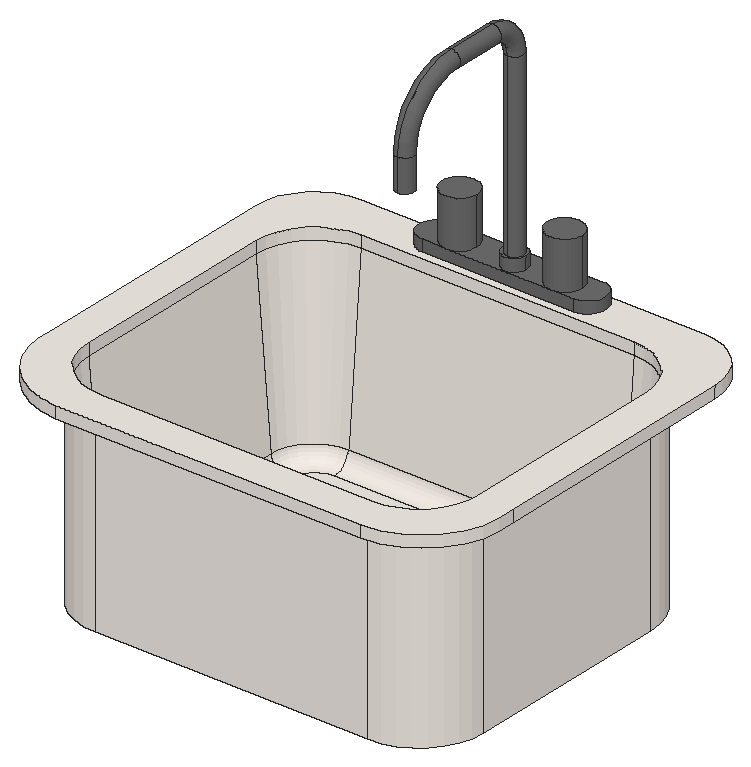
Revit family
Parameters (values of type "500 x 440mm")
  세면기 재료 = 자기 - 리넨
  작업대 높이 [instance] = 750.00 mm
  깊이 = 440.00 mm
  설비 재료 = 금속 - 스틸, 광택
  폭 = 500.00 mm
Reference planes
  plane 1 "중심(앞/뒤)": y = 5.52
  plane 2: z = 0
  plane 3 "중심(왼쪽/오른쪽)": x = 15.689
  plane 4: y = 180.145
  plane 5: y = -259.855
  plane 6: x = -234.311
  plane 7: x = 265.689
  plane 8 "작업대 상단": z = 750
  plane 9: z = 762.7
  plane 10: z = 534.1
  plane 11: y = 132.52
  plane 12: x = -196.211
  plane 13: y = -221.755
  plane 14: x = 227.589
  plane 15: x = -85.911
  plane 16: x = 117.289
  plane 17: y = 156.333
  plane 18: y = 156.333
  plane 19: y = 156.333
  plane 20: z = 1013.525
  plane 21: y = 7.108
  plane 22: z = 826.2
  plane 23: z = 788.1
  plane 24: y = 161.095
  plane 25: x = -47.811
  plane 26: x = 66.489
Forms (mm)
  Extrusion 1, solid, material "자기 - 리넨" <- "세면기 재료"
    sketch origin (0, 0, 0) x (1, 0, 0) y (0, 1, 0)
      loop
        arc (181.339, -259.855) -> (246.052, -227.766) -> (265.689, -158.255) r 89.057
        line (265.689, -158.255) -> (265.689, 116.645)
        arc (265.689, 116.645) -> (247.091, 161.547) -> (202.189, 180.145) r 63.5
        line (202.189, 180.145) -> (-170.811, 180.145)
        arc (-170.811, 180.145) -> (-215.712, 161.547) -> (-234.311, 116.645) r 63.5
        line (-234.311, 116.645) -> (-234.311, -158.255)
        arc (-234.311, -158.255) -> (-214.674, -227.766) -> (-149.961, -259.855) r 89.057
        line (-149.961, -259.855) -> (181.339, -259.855)
      loop
        arc (-132.711, 132.52) -> (-177.612, 113.922) -> (-196.211, 69.02) r 63.5
        line (-196.211, 69.02) -> (-196.211, -158.255)
        arc (-196.211, -158.255) -> (-177.612, -203.156) -> (-132.711, -221.755) r 63.5
        line (-132.711, -221.755) -> (164.089, -221.755)
        arc (164.089, -221.755) -> (208.991, -203.156) -> (227.589, -158.255) r 63.5
        line (227.589, -158.255) -> (227.589, 69.02)
        arc (227.589, 69.02) -> (208.991, 113.922) -> (164.089, 132.52) r 63.5
        line (164.089, 132.52) -> (-132.711, 132.52)
    from 750 to 762.7
  Sweep 2, solid, material "자기 - 리넨" <- "세면기 재료"
    path origin (0, 0, 0) x (1, 0, 0) y (0, 1, 0)
      loop
        arc (-132.711, 132.52) -> (-177.612, 113.922) -> (-196.211, 69.02) r 63.5
        line (-196.211, 69.02) -> (-196.211, -158.255)
        arc (-196.211, -158.255) -> (-177.612, -203.156) -> (-132.711, -221.755) r 63.5
        line (-132.711, -221.755) -> (164.089, -221.755)
        arc (164.089, -221.755) -> (208.991, -203.156) -> (227.589, -158.255) r 63.5
        line (227.589, -158.255) -> (227.589, 69.02)
        arc (227.589, 69.02) -> (208.991, 113.922) -> (164.089, 132.52) r 63.5
        line (164.089, 132.52) -> (-132.711, 132.52)
    profile origin (15.689, 0, 0) x (0, 1, 0) y (0, 0, 1)
      loop
        line (132.52, 750) -> (115.986, 561.015)
        arc (115.986, 561.015) -> (109.879, 548.63) -> (97.009, 543.625) r 19.05
        line (97.009, 543.625) -> (94.42, 543.625) -> (94.42, 534.1) -> (138.87, 534.1) -> (138.87, 750) -> (132.52, 750)
  Extrusion 3, solid, material "자기 - 리넨" <- "세면기 재료"
    sketch origin (0, 0, 0) x (1, 0, 0) y (0, 1, 0)
      loop
        arc (-132.711, 94.42) -> (-150.671, 86.981) -> (-158.111, 69.02) r 25.4
        line (-158.111, 69.02) -> (-158.111, -158.255)
        arc (-158.111, -158.255) -> (-150.671, -176.215) -> (-132.711, -183.655) r 25.4
        line (-132.711, -183.655) -> (164.089, -183.655)
        arc (164.089, -183.655) -> (182.05, -176.215) -> (189.489, -158.255) r 25.4
        line (189.489, -158.255) -> (189.489, 69.02)
        arc (189.489, 69.02) -> (182.05, 86.981) -> (164.089, 94.42) r 25.4
        line (164.089, 94.42) -> (-132.711, 94.42)
      loop
        circle (15.689, 3.175) r 25.4
    from 534.1 to 543.625
  Extrusion 4, solid, material "금속 - 스틸, 광택" <- "설비 재료"
    sketch origin (0, -17.559, 0) x (1, 0, 0) y (0, 1, 0)
      loop
        circle (-47.811, 178.654) r 19.05
      loop
        circle (66.489, 178.654) r 19.05
    from 762.7 to 826.2
  Sweep 5, solid, material "금속 - 스틸, 광택" <- "설비 재료"
    path origin (15.689, 0, 0) x (0, 1, 0) y (0, 0, 1)
      loop
        line (156.333, 762.7) -> (156.333, 983.363)
        arc (156.333, 983.363) -> (147.499, 1004.691) -> (126.17, 1013.525) r 30.163
        line (126.17, 1013.525) -> (70.608, 1013.525)
        arc (70.608, 1013.525) -> (25.707, 994.926) -> (7.108, 950.025) r 63.5
        line (7.108, 950.025) -> (7.108, 915.1)
    profile origin (15.689, 0, 873.031) x (0, -1, 0) y (1, 0, 0)
      loop
        circle (-156.333, 0) r 9.525
  Extrusion 6, solid, material "금속 - 스틸, 광택" <- "설비 재료"
    sketch origin (0, 0, 0) x (1, 0, 0) y (0, 1, 0)
      loop
        circle (15.689, 156.333) r 12.7
    from 762.7 to 788.1
  Extrusion 7, solid, material "금속 - 스틸, 광택" <- "설비 재료"
    sketch origin (0, 0, 0) x (1, 0, 0) y (0, 1, 0)
      loop
        arc (-73.211, 180.145) -> (-92.261, 161.095) -> (-73.211, 142.045) r 19.05
        line (-73.211, 142.045) -> (91.889, 142.045)
        arc (91.889, 142.045) -> (110.939, 161.095) -> (91.889, 180.145) r 19.05
        line (91.889, 180.145) -> (-73.211, 180.145)
    from 762.7 to 775.2
Cuts and joins
  joined: Extrusion 4, Sweep 5, Extrusion 6, Extrusion 7
  joined: Extrusion 1, Sweep 2, Extrusion 3
Lines and regions (mm)
  Masking region 1
    outline origin (0, 0, 750) x (0, -1, 0) y (1, 0, 0)
      loop
        line (-116.645, -234.311) -> (170.955, -234.311)
        arc (170.955, -234.311) -> (233.816, -208.273) -> (259.855, -145.411) r 88.9
        line (259.855, -145.411) -> (259.855, 181.339)
        arc (259.855, 181.339) -> (235.149, 240.984) -> (175.505, 265.689) r 84.35
        line (175.505, 265.689) -> (-116.645, 265.689)
        arc (-116.645, 265.689) -> (-161.547, 247.091) -> (-180.145, 202.189) r 63.5
        line (-180.145, 202.189) -> (-180.145, -170.811)
        arc (-180.145, -170.811) -> (-161.547, -215.712) -> (-116.645, -234.311) r 63.5
  symbolic lines
    curve 1: line (265.689, -175.505, 750) -> (265.689, 116.645, 750)
    curve 2: line (-145.411, -259.855, 750) -> (181.339, -259.855, 750)
    curve 3: line (-234.311, 116.645, 750) -> (-234.311, -170.955, 750)
    curve 4: arc (41.089, 3.175, 750) -> (15.689, 28.575, 750) -> (-9.711, 3.175, 750) r 25.4
    curve 5: arc (-9.711, 3.175, 750) -> (15.689, -22.225, 750) -> (41.089, 3.175, 750) r 25.4
    curve 6: line (-196.211, 69.02, 750) -> (-196.211, -158.255, 750)
    curve 7: line (-132.711, -221.755, 750) -> (164.089, -221.755, 750)
    curve 8: line (227.589, -158.255, 750) -> (227.589, 69.02, 750)
    curve 9: line (164.089, 132.52, 750) -> (28.389, 132.52, 750)
    curve 10: arc (164.089, -221.755, 750) -> (208.991, -203.156, 750) -> (227.589, -158.255, 750) r 63.5
    curve 11: arc (-196.211, -158.255, 750) -> (-177.612, -203.156, 750) -> (-132.711, -221.755, 750) r 63.5
    curve 12: arc (-132.711, 132.52, 750) -> (-177.612, 113.922, 750) -> (-196.211, 69.02, 750) r 63.5
    curve 13: arc (28.389, 160.745, 750) -> (15.689, 173.445, 750) -> (2.989, 160.745, 750) r 12.7
    curve 14: line (2.989, 160.745, 750) -> (2.989, 40.391, 750)
    curve 15: line (28.389, 160.745, 750) -> (28.389, 40.391, 750)
    curve 16: arc (28.389, 40.391, 750) -> (15.689, 27.691, 750) -> (2.989, 40.391, 750) r 12.7
    curve 17: line (2.989, 132.52, 750) -> (-132.711, 132.52, 750)
    curve 18: arc (-234.311, -170.955, 750) -> (-208.273, -233.816, 750) -> (-145.411, -259.855, 750) r 88.9
    curve 19: arc (181.339, -259.855, 750) -> (240.984, -235.149, 750) -> (265.689, -175.505, 750) r 84.35
    curve 20: arc (164.089, 132.52, 750) -> (208.991, 113.922, 750) -> (227.589, 69.02, 750) r 63.5
    curve 21: line (202.189, 180.145, 750) -> (-170.811, 180.145, 750)
    curve 22: arc (-170.811, 180.145, 750) -> (-215.712, 161.547, 750) -> (-234.311, 116.645, 750) r 63.5
    curve 23: arc (265.689, 116.645, 750) -> (247.091, 161.547, 750) -> (202.189, 180.145, 750) r 63.5
    curve 24: arc (85.539, 161.095, 750) -> (66.489, 180.145, 750) -> (47.439, 161.095, 750) r 19.05
    curve 25: arc (85.539, 161.095, 750) -> (66.489, 142.045, 750) -> (47.439, 161.095, 750) r 19.05
    curve 26: arc (-28.761, 161.095, 750) -> (-47.811, 180.145, 750) -> (-66.861, 161.095, 750) r 19.05
    curve 27: arc (-66.861, 161.095, 750) -> (-47.811, 142.045, 750) -> (-28.761, 161.095, 750) r 19.05
    curve 28: line (-73.211, 142.045, 750) -> (2.989, 142.045, 750)
    curve 29: arc (91.889, 142.045, 750) -> (110.939, 161.095, 750) -> (91.889, 180.145, 750) r 19.05
    curve 30: arc (-73.211, 180.145, 750) -> (-92.261, 161.095, 750) -> (-73.211, 142.045, 750) r 19.05
    curve 31: line (91.889, 180.145, 750) -> (-73.211, 180.145, 750)
    curve 32: line (28.389, 142.045, 750) -> (91.889, 142.045, 750)
Dimensions and locks
  equal spacing: plane 6, plane 3 "중심(왼쪽/오른쪽)", plane 7
  "폭": plane 6 to plane 7
  "깊이": plane 5 to plane 4
  "작업대 높이": plane 8 "작업대 상단" to plane 2
  locked: plane 9 to plane 8 "작업대 상단" at 12.7
  locked: plane 8 "작업대 상단" to plane 10 at 215.9
  locked: plane 6 to plane 12 at 38.1
  locked: plane 14 to plane 7 at 38.1
  locked: plane 5 to plane 13 at 38.1
  equal spacing: plane 11, plane 17, plane 4
  equal spacing: plane 11, plane 18, plane 4
  equal spacing: plane 4, plane 19, plane 11
  locked: plane 19 to plane 21 at 149.225
  locked: plane 20 to plane 9 at 250.825
  locked: plane 22 to plane 9 at 63.5
  locked: plane 23 to plane 9 at 25.4
  locked: plane 1 "중심(앞/뒤)" to plane 4 at 174.625
  plane 24 to plane 4 = 19.05 mm
  locked: plane 25 to plane 3 "중심(왼쪽/오른쪽)" at 63.5
  locked: plane 3 "중심(왼쪽/오른쪽)" to plane 26 at 50.8
  locked: level to plane 2 at 0
  locked: plane 9 to cut or joined group of Extrusion 4, Sweep 5, Extrusion 6, Extrusion 7 at 12.5
  aligned and locked: Extrusion 1 sketch curve to plane 5
  aligned and locked: plane 8 "작업대 상단" to Extrusion 1
  aligned and locked: Extrusion 1 to plane 9
  aligned and locked: plane 11 to Extrusion 1 sketch curve
  aligned and locked: plane 14 to Extrusion 1 sketch curve
  aligned and locked: Extrusion 1 sketch curve to plane 12
  aligned and locked: Extrusion 1 sketch curve to plane 13
  aligned and locked: plane 11 to Sweep 2 sketch curve
  aligned and locked: plane 14 to Sweep 2 sketch curve
  aligned and locked: Sweep 2 sketch curve to plane 12
  aligned and locked: Sweep 2 sketch curve to plane 13
  aligned and locked: Sweep 2 to Extrusion 3 sketch curve  (x4)
  aligned and locked: Sweep 2 to Extrusion 3
  aligned and locked: plane 10 to Extrusion 3
  aligned and locked: Sweep 2 sketch curve to plane 10
  aligned and locked: plane 8 "작업대 상단" to Sweep 2 sketch curve
  aligned and locked: Extrusion 4 to Extrusion 1
  aligned and locked: Extrusion 6 to Extrusion 1
  aligned and locked: Sweep 5 sketch curve to plane 19
  aligned and locked: plane 20 to Sweep 5 sketch curve
  aligned and locked: plane 21 to Sweep 5 sketch curve
  aligned and locked: Extrusion 4 to plane 22
  aligned and locked: Extrusion 6 to plane 23
  aligned and locked: Extrusion 7 to Extrusion 1
  aligned and locked: Masking region 1 sketch curve to curve 3
  aligned and locked: Masking region 1 sketch curve to curve 2
  aligned and locked: Masking region 1 sketch curve to curve 1
  aligned and locked: Masking region 1 sketch curve to curve 21
Automatic sketch dimensions
  Sweep 2 sketch curve to plane 12 = 63.50 mm
  Sweep 2 sketch curve to Sweep 2 sketch curve = 63.50 mm
  plane 11 to Sweep 2 sketch curve = 63.50 mm
  plane 14 to Sweep 2 sketch curve = 63.50 mm
  Sweep 2 sketch curve to profile plane = 0.00 mm
  profile plane to Sweep 2 sketch curve = 16.534 mm
  Sweep 2 sketch curve to Sweep 2 sketch curve = 18.978 mm
  Sweep 2 sketch curve to Sweep 2 sketch curve = 2.588 mm
  Sweep 2 sketch curve to profile plane = 6.35 mm
  Sweep 2 sketch curve to Sweep 2 sketch curve = 9.525 mm
  Sweep 2 sketch curve to Sweep 2 sketch curve = 17.39 mm
  Sweep 5 sketch curve to plane 3 "중심(왼쪽/오른쪽)" = 0.00 mm
  Sweep 5 sketch curve to profile plane = 0.00 mm
  profile plane to Sweep 5 sketch curve = 9.525 mm
  Extrusion 6 sketch curve to plane 18 = 0.00 mm
  Extrusion 6 sketch curve to plane 3 "중심(왼쪽/오른쪽)" = 0.00 mm
  Extrusion 6 sketch curve to plane 3 "중심(왼쪽/오른쪽)" = 12.70 mm
  Sweep 5 sketch curve to plane 9 = 0.00 mm
  Sweep 5 sketch curve to Sweep 5 sketch curve = 63.50 mm
  plane 11 to Sweep 5 sketch curve = 6.35 mm
  Sweep 5 sketch curve to Sweep 5 sketch curve = 34.925 mm
  Extrusion 3 sketch curve to plane 3 "중심(왼쪽/오른쪽)" = 0.00 mm
  Extrusion 3 sketch curve to Extrusion 3 sketch curve = 25.40 mm  (x4)
  plane 1 "중심(앞/뒤)" to Extrusion 3 sketch curve = 2.345 mm
  Extrusion 3 sketch curve to plane 1 "중심(앞/뒤)" = 63.50 mm
  Extrusion 7 sketch curve to plane 24 = 0.00 mm
  plane 25 to Extrusion 7 sketch curve = 25.40 mm
  plane 4 to Extrusion 7 sketch curve = 0.00 mm
  plane 3 "중심(왼쪽/오른쪽)" to Extrusion 7 sketch curve = 76.20 mm
  Extrusion 1 sketch curve to plane 6 = 0.00 mm
  Extrusion 1 sketch curve to plane 4 = 0.00 mm
  Extrusion 1 sketch curve to plane 7 = 0.00 mm
  plane 11 to Extrusion 1 sketch curve = 15.875 mm
  Extrusion 1 sketch curve to Extrusion 1 sketch curve = 38.10 mm
  Extrusion 1 sketch curve to plane 12 = 46.25 mm
  Extrusion 1 sketch curve to Extrusion 1 sketch curve = 50.057 mm
  Extrusion 1 sketch curve to Extrusion 1 sketch curve = 17.25 mm  (x2)
  Extrusion 1 sketch curve to Extrusion 1 sketch curve = 63.50 mm  (x2)
  Extrusion 1 sketch curve to Extrusion 1 sketch curve = 13.443 mm
  plane 14 to Extrusion 1 sketch curve = 25.40 mm
  Extrusion 1 sketch curve to Extrusion 1 sketch curve = 12.625 mm  (x2)
  Extrusion 4 sketch curve to plane 24 = 0.00 mm  (x2)
  Extrusion 4 sketch curve to plane 25 = 0.00 mm
  Extrusion 4 sketch curve to plane 26 = 0.00 mm
  Extrusion 4 sketch curve to Extrusion 4 sketch curve = 19.05 mm  (x2)
  plane 11 to Masking region 1 sketch curve = 15.875 mm  (x2)
  Masking region 1 sketch curve to plane 13 = 50.80 mm
  Masking region 1 sketch curve to plane 13 = 46.25 mm
  curve 21 to plane 4 = 0.00 mm
  curve 31 to plane 4 = 0.00 mm
  curve 26 to plane 24 = 0.00 mm
  curve 25 to plane 24 = 0.00 mm
  curve 29 to plane 24 = 0.00 mm
  curve 30 to plane 24 = 0.00 mm
  curve 13 to plane 3 "중심(왼쪽/오른쪽)" = 0.00 mm
  curve 9 to plane 11 = 0.00 mm
  curve 17 to plane 11 = 0.00 mm
  curve 3 to plane 6 = 0.00 mm
  curve 23 to plane 7 = 0.00 mm
  curve 8 to plane 14 = 0.00 mm
  curve 6 to plane 12 = 0.00 mm
  curve 4 to plane 3 "중심(왼쪽/오른쪽)" = 0.00 mm
  curve 7 to plane 13 = 0.00 mm
  curve 18 to plane 5 = 0.00 mm
  curve 26 to plane 25 = 0.00 mm
  curve 25 to plane 26 = 0.00 mm
  plane 24 to curve 13 = 0.351 mm
  plane 11 to curve 23 = 15.875 mm
  plane 11 to curve 22 = 15.875 mm
  curve 22 to curve 12 = 47.625 mm
  curve 23 to curve 20 = 47.625 mm
  curve 14 to plane 3 "중심(왼쪽/오른쪽)" = 12.70 mm
  curve 14 to plane 1 "중심(앞/뒤)" = 34.87 mm
  plane 1 "중심(앞/뒤)" to curve 4 = 2.345 mm
  curve 11 to plane 13 = 63.50 mm
  curve 8 to plane 13 = 63.50 mm
  curve 11 to curve 18 = 12.70 mm
  curve 10 to curve 19 = 17.25 mm
  plane 25 to curve 31 = 25.40 mm
  plane 25 to curve 28 = 25.40 mm
  curve 30 to curve 26 = 6.35 mm
  curve 4 to plane 3 "중심(왼쪽/오른쪽)" = 25.40 mm
  plane 26 to curve 24 = 19.05 mm
  curve 24 to curve 29 = 6.35 mm
  curve 31 to curve 29 = 0.00 mm
